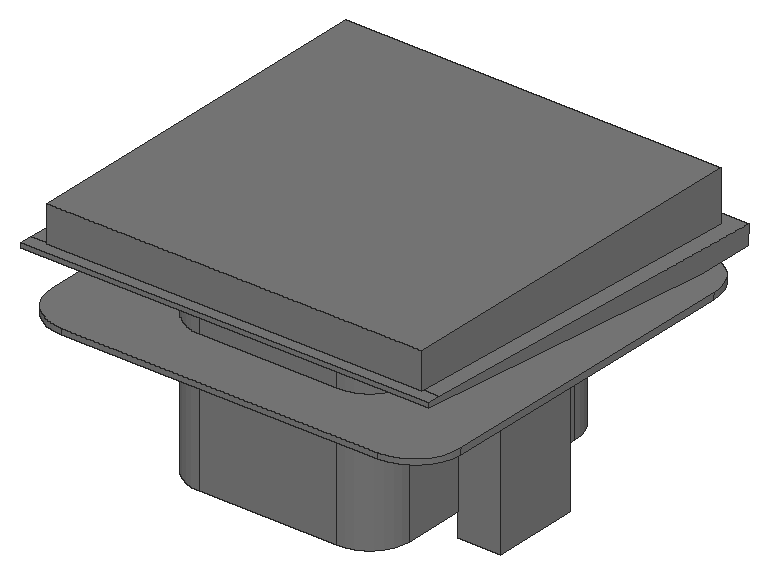
Revit family "Gira_012566", category Electrical Fixtures, host Face, Revit 2017
Family settings
  Host = Face
  Maintain Annotation Orientation = Yes
  Round Connector Dimension = Use Diameter
  Part Type = Normal
  Cut with Voids When Loaded = No
  Shared = No
  Room Calculation Point = No
Parameters (values of type "Tastschalter Serien Gira TX_44 (WG UP) Reinweiß")
  Zusammenstellung = "Basiselement mit zentraler Abdeckplatte"
  Werkstoffgüte = "sonstige"
  Werkstoff = "sonstige"
  Waschmaschinenschalter = "No"
  URL = "http://katalog.gira.de/de_DE/datenblatt.html?artikelnr=012566"
  Textfeld/Beschriftungsfläche = "nein"
  Tastschalter = "Yes"
  Schaltungsart = "Serienschalter"
  Rückmeldekontakt = "No"
  Region = "DE"
  Oberfläche = "sonstige"
  Nennspannung = "250 Volt"
  Name = "Tastschalter Serien Gira TX_44 (WG UP) Reinweiß"
  Montageart = "unter Putz"
  Mit Montageplatte = "No"
  Manufacturer URL = "https://www.gira.de/"
  Keynote = "TX44_Komplettgerät_Schalten und Tasten"
  HeinzeBIM = "https://bimportal.heinze.de/bim/tastschalter-serien-gira-tx-44-wg-up-reinweiss/cc9ad290db6ce312c3f2b02d0f46eb67b183b341"
  Halogenfrei = "Yes"
  HAN = "012566"
  Geeignet für Schutzart (IP) = "IP44"
  GTIN = "4010337125662"
  Farbe = "weiß"
  Default Elevation = 1219.2 mm
  Data sheet (1) = "https://katalog.gira.de/de_DE/download.html?artikelnr=012566"
  Category = "Installationsschalter"
  Bemessungsstrom = "10 Ampere"
  Beleuchtung = "nein"
  Befestigungsart = "Krallen-/Schraubbefestigung"
  Bedienungsart = "Wippe/Taste"
  Available = "Yes"
  Anzahl der Module (bei Modulbauweise) = "1 "
  Anzahl der Betätigungswippen = "2 "
  Anschlussart = "Steckklemme"
Reference planes
  plane 1 "Center (Front/Back)": y = 0
  plane 2 "Reference Level 0": z = 0
  plane 3 "Center (Left/Right)": x = 0
  plane 4: z = -28.6
Forms (mm)
  Extrusion 1, solid, material "Default", detail levels fine
    sketch origin (0, 0, 0) x (1, 0, 0) y (0, 1, 0)
      loop
        line (-32.604, 32.5) -> (-32.604, -32.5) -> (32.735, -32.5) -> (32.735, 32.5) -> (-32.604, 32.5)
    from 0 to 12.3
  Extrusion 2, solid, material "Default", detail levels fine
    sketch origin (0, 0, 0) x (0, 1, 0) y (0, 0, 1)
      loop
        line (35, 3.483) -> (-32.2, 6) -> (-34.55, 6) -> (-34.536, 5.199) -> (24.886, 0) -> (34.939, 0) -> (35, 3.483)
    from -35.5 to 35.5
  Extrusion 3, void
    sketch origin (0, 0, 0) x (0, 1, 0) y (0, 0, 1)
      loop
        line (42.419, 3.205) -> (-32.2, 6) -> (-42.193, 6) -> (-42.193, -11.826) -> (42.419, -11.826) -> (42.419, 3.205)
    from -64.194 to 61.264
  Extrusion 4, solid, material "Default", detail levels fine
    sketch origin (0, 0, 0) x (1, 0, 0) y (0, 1, 0)
      loop
        arc (35.5, 27.5) -> (33.157, 33.157) -> (27.5, 35.5) r 8
        line (27.5, 35.5) -> (-27.5, 35.5)
        arc (-27.5, 35.5) -> (-33.157, 33.157) -> (-35.5, 27.5) r 8
        line (-35.5, 27.5) -> (-35.5, -27.5)
        arc (-35.5, -27.5) -> (-33.157, -33.157) -> (-27.5, -35.5) r 8
        line (-27.5, -35.5) -> (27.5, -35.5)
        arc (27.5, -35.5) -> (33.157, -33.157) -> (35.5, -27.5) r 8
        line (35.5, -27.5) -> (35.5, 27.5)
    from -4.1 to -5.1
  Extrusion 5, solid, material "Default", detail levels fine
    sketch origin (0, 0, 0) x (1, 0, 0) y (0, 1, 0)
      loop
        arc (-12, 25) -> (-16.95, 22.95) -> (-19, 18) r 7
        line (-19, 18) -> (-19, -18)
        arc (-19, -18) -> (-16.95, -22.95) -> (-12, -25) r 7
        line (-12, -25) -> (12, -25)
        arc (12, -25) -> (16.95, -22.95) -> (19, -18) r 7
        line (19, -18) -> (19, 18)
        arc (19, 18) -> (16.95, 22.95) -> (12, 25) r 7
        line (12, 25) -> (-12, 25)
    from 4.692 to -28.6
  Extrusion 6, solid, material "Default", detail levels fine
    sketch origin (0, 0, 0) x (1, 0, 0) y (0, 1, 0)
      loop
        line (-26.5, -7.5) -> (-19, -7.5) -> (-19, 7.5) -> (-26.5, 7.5) -> (-26.5, -7.5)
    from -5.1 to -32.6
  Extrusion 7, solid, material "Default", detail levels fine
    sketch origin (0, 0, 0) x (-1, 0, 0) y (0, -1, 0)
      loop
        line (-26.5, 7.5) -> (-26.5, -7.5) -> (-19, -7.5) -> (-19, 7.5) -> (-26.5, 7.5)
    from -5.1 to -32.6
  Extrusion 8, solid, material "Default", detail levels medium
    sketch origin (0, 0, 0) x (1, 0, 0) y (0, 1, 0)
      loop
        line (-32.604, 32.5) -> (-32.604, -32.5) -> (32.735, -32.5) -> (32.735, 32.5) -> (-32.604, 32.5)
    from 0 to 12.3
  Extrusion 9, solid, material "Default", detail levels medium
    sketch origin (0, 0, 0) x (0, 1, 0) y (0, 0, 1)
      loop
        line (35, 3.483) -> (-32.2, 6) -> (-34.55, 6) -> (-34.445, 0) -> (34.939, 0) -> (35, 3.483)
    from -35.5 to 35.5
  Extrusion 10, solid, material "Default", detail levels medium
    sketch origin (0, 0, 0) x (1, 0, 0) y (0, 1, 0)
      loop
        line (-26.5, 25) -> (-26.5, -25) -> (26.5, -25) -> (26.5, 25) -> (-26.5, 25)
    from 4.692 to -32.6
  Extrusion 11, solid, material "Default", detail levels medium
    sketch origin (0, 0, 0) x (1, 0, 0) y (0, 1, 0)
      loop
        line (35.5, 35.5) -> (-35.5, 35.5) -> (-35.5, -35.5) -> (35.5, -35.5) -> (35.5, 35.5)
    from -4.1 to -5.1
  Extrusion 12, solid, material "Default", detail levels coarse
    sketch origin (0, 0, 0) x (1, 0, 0) y (0, 1, 0)
      loop
        line (35.5, 35.5) -> (-35.5, 35.5) -> (-35.5, -35.5) -> (35.5, -35.5) -> (35.5, 35.5)
    from -32.6 to 12.3
Cuts and joins
  Extrusion 3 cuts Extrusion 1
  joined: Extrusion 1, Extrusion 2, Extrusion 4, Extrusion 5, Extrusion 6, Extrusion 7
Dimensions and locks
  Extrusion 12 to Extrusion 12 = 44.9 mm
  aligned and locked: plane 2 "Reference Level 0" to host face
  aligned and locked: level to host face
  aligned and locked: plane 3 "Center (Left/Right)" to nested 1
  aligned and locked: plane 1 "Center (Front/Back)" to nested 1
Nested families
  nested 1: "Schalter" at (0, 0, 0), type "Schalter"
Connectors
  electrical at (0, 0, -32.6)
    settings: on Extrusion 12, index 1, voltage 220 V, apparent load 0 VA, apparent load phase1 0 VA, apparent load phase2 0 VA, apparent load phase3 0 VA, power factor 1, load classification "Other", number of poles 1, system type 30, power factor state 1, is connector primary yes, connector utility no, sub classification motor no, connector description ""
Definition of nested family "Schalter"
  Reference planes
    plane 1: y = 0
    plane 2: x = 0
  Lines and regions (mm)
    detail lines
      curve 1: circle (1.375, 2.778, 0) r 0.8 normal (0, 0, 1)
      curve 2: line (1.021, 2.061, 0) -> (0, 0, 0)
      curve 3: line (0, 0, 0) -> (-0.538, 0.266, 0)
  Dimensions and locks
    curve 2 to curve 2 = 2.3 mm
    curve 3 to curve 2 = 0.6 mm
    radius of curve 1 = 0.8 mm
